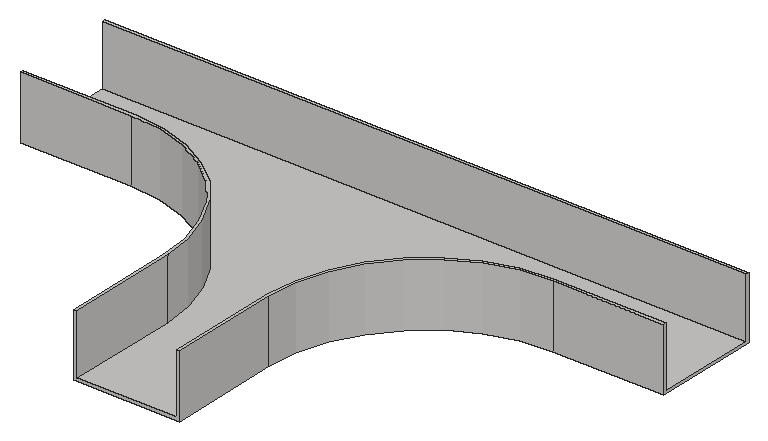
Revit family "Cable_Tray_Fitting-Ventilated_Tray-OBO_Bettermann-Channel_Horizontal_Tee_400-600-MKS_Magic", category Cable Tray Fittings, Revit 2012
Parameters (values of type "Hot Dipped Galvanised")
  URL = "http://www.obo-bettermann.com/"
  Tray Width Overall [instance] = Tray Width 3 + 510 mm  # 610 mm
  Tray Width 3 [instance] = 100 mm
  Tray Width 1 [instance] = 100 mm
  Tray Height [instance] = 60 mm
  built-in parameter 1140111 [instance] = 2.58 mm
  Radius Label 1 = Radius Label + 2.6 mm  # 152.6 mm
  Radius Label = 150 mm
  Product Page URL = "http://catalog2.obo-bettermann.com/catalogue/catalogue.do?favOid=kts_315277&act=showIO&lang=en&action=start&catId=KTS&forward=showSolutionView"
  Product Documentation Link = ""
  Pre Galvanized = no
  Model = "MKS-Magic"
  Manufacturer = "OBO Bettermann"
  Description = "Ventilated Cable Tray"
  Connector Description 3 = "Connector for Cable Tray 3"  # constant formula
  Connector Description 2 = "Connector for Cable Tray 2"  # constant formula
  Connector Description = "Connector for Cable Tray 1"  # constant formula
  Classification = "Refer to online catalog for UL and cUL classifed sizes and wire sizes."
  Cable Tray Material = Metal - OBO Bettermann - Hot-Dipped-Galvanised
  Assembly Code = "D5030600"
Types (2, lengths in mm): name | Tray Width Overall | Tray Width 3 | Tray Width 1 | Cable Tray Material
  Stripped Galvanised | 910 | 400 | 400 | Metal - OBO Bettermann - Strip-Galvanised
  Hot Dipped Galvanised | 610 | 100 | 100 | Metal - OBO Bettermann - Hot-Dipped-Galvanised
Reference planes
  plane 1 "Center (Front/Back)": y = 0
  plane 2: z = 0
  plane 3 "Center (Left/Right)": x = 0
  plane 4: y = 50
  plane 5: y = -50
  plane 6: z = 30
  plane 7: z = -30
  plane 8: x = -50
  plane 9: x = 50
  plane 10: y = -47.42
  plane 11: y = 47.42
  plane 12: y = -305
  plane 13: x = -47.42
  plane 14: x = 47.42
  plane 15: z = -27.42
  plane 16: x = -305
  plane 17: x = 305
Forms (mm)
  Extrusion 1, solid, material "Metal - OBO Bettermann - Hot-Dipped-Galvanised" <- "Cable Tray Material", detail levels fine
    sketch origin (0, 0, 0) x (1, 0, 0) y (0, 1, 0)
      loop
        line (-305, -47.42) -> (-305, -50) -> (-200, -50)
        arc (-200, -50) -> (-93.934, -93.934) -> (-50, -200) r 150
        line (-50, -200) -> (-50, -305) -> (-47.42, -305) -> (-47.42, -197.51)
        arc (-47.42, -197.51) -> (-92.096, -92.096) -> (-197.51, -47.42) r 152.6
        line (-197.51, -47.42) -> (-305, -47.42)
      loop
        line (200, -50) -> (305, -50) -> (305, -47.42) -> (197.51, -47.42)
        arc (197.51, -47.42) -> (92.096, -92.096) -> (47.42, -197.51) r 152.6
        line (47.42, -197.51) -> (47.42, -305) -> (50, -305) -> (50, -200)
        arc (50, -200) -> (93.934, -93.934) -> (200, -50) r 150
      loop
        line (-305, 50) -> (-305, 47.42) -> (305, 47.42) -> (305, 50) -> (-305, 50)
    from -30 to 30
  Extrusion 2, solid, material "Metal - OBO Bettermann - Hot-Dipped-Galvanised" <- "Cable Tray Material", detail levels fine
    sketch origin (0, 0, 0) x (1, 0, 0) y (0, 1, 0)
      loop
        line (-305, -50) -> (-200, -50)
        arc (-200, -50) -> (-93.934, -93.934) -> (-50, -200) r 150
        line (-50, -200) -> (-50, -305) -> (50, -305) -> (50, -200)
        arc (50, -200) -> (93.934, -93.934) -> (200, -50) r 150
        line (200, -50) -> (305, -50) -> (305, 50) -> (-305, 50) -> (-305, -50)
    from -30 to -27.42
  Extrusion 3, solid, material "Metal - OBO Bettermann - Hot-Dipped-Galvanised" <- "Cable Tray Material", detail levels medium
    sketch origin (0, 0, 0) x (1, 0, 0) y (0, 1, 0)
      loop
        line (-305, 50) -> (-305, -50) -> (-200, -50)
        arc (-200, -50) -> (-93.934, -93.934) -> (-50, -200) r 150
        line (-50, -200) -> (-50, -305) -> (50, -305) -> (50, -200)
        arc (50, -200) -> (93.934, -93.934) -> (200, -50) r 150
        line (200, -50) -> (305, -50) -> (305, 50) -> (-305, 50)
    from -30 to 30
Cuts and joins
  joined: Extrusion 1, Extrusion 2
Lines and regions (mm)
  model lines, style "Coarse View", detail levels coarse
    curve 1: line (-230, 0, 0) -> (200, 0, 0)
    curve 2: line (0, 0, 0) -> (0, -305, 0)
Dimensions and locks
  equal spacing: plane 4, plane 1 "Center (Front/Back)", plane 5
  "Tray Width 1": plane 4 to plane 5
  equal spacing: plane 6, plane 2, plane 7
  "Tray Height": plane 6 to plane 7
  equal spacing: plane 8, plane 3 "Center (Left/Right)", plane 9  (x2)
  "Tray Width 3": plane 8 to plane 9
  "built-in parameter 1140111": plane 10 to plane 5
  "built-in parameter 1140111": plane 4 to plane 11
  locked: plane 5 to plane 12 at 255
  "built-in parameter 1140111": plane 8 to plane 13
  "built-in parameter 1140111": plane 14 to plane 9
  "built-in parameter 1140111": plane 15 to plane 7
  locked: plane 16 to plane 8 at 255
  locked: plane 9 to plane 17 at 255
  equal spacing: plane 16, plane 3 "Center (Left/Right)", plane 17
  "Radius Label": radius of Extrusion 3 sketch curve  (x2)
  "Radius Label": radius of Extrusion 1 sketch curve  (x2)
  "Radius Label 1": radius of Extrusion 1 sketch curve  (x2)
  "Radius Label": radius of Extrusion 2 sketch curve  (x2)
  aligned and locked: Extrusion 1 sketch curve to plane 10
  aligned and locked: Extrusion 1 sketch curve to plane 5
  aligned and locked: Extrusion 1 sketch curve to plane 8
  aligned and locked: plane 12 to Extrusion 1 sketch curve  (x2)
  aligned and locked: Extrusion 1 sketch curve to plane 13
  aligned and locked: plane 13 to Extrusion 1 sketch curve
  aligned and locked: plane 8 to Extrusion 1 sketch curve
  aligned and locked: Extrusion 1 sketch curve to plane 12  (x2)
  aligned and locked: Extrusion 1 to plane 7
  aligned and locked: plane 6 to Extrusion 1
  aligned and locked: plane 5 to Extrusion 1 sketch curve
  aligned and locked: plane 10 to Extrusion 1 sketch curve
  aligned and locked: Extrusion 1 sketch curve to plane 14
  aligned and locked: Extrusion 1 sketch curve to plane 9
  aligned and locked: plane 9 to Extrusion 1 sketch curve
  aligned and locked: plane 14 to Extrusion 1 sketch curve
  aligned and locked: plane 11 to Extrusion 1 sketch curve
  aligned and locked: Extrusion 1 sketch curve to plane 4
  aligned and locked: Extrusion 2 sketch curve to plane 5
  aligned and locked: Extrusion 2 sketch curve to plane 4
  aligned and locked: plane 4 to Extrusion 2 sketch curve
  aligned and locked: plane 5 to Extrusion 2 sketch curve
  aligned and locked: plane 12 to Extrusion 2 sketch curve
  aligned and locked: plane 9 to Extrusion 2 sketch curve
  aligned and locked: plane 8 to Extrusion 2 sketch curve
  aligned and locked: Extrusion 2 sketch curve to plane 12
  aligned and locked: Extrusion 2 to plane 7
  aligned and locked: plane 15 to Extrusion 2
  aligned and locked: Extrusion 3 sketch curve to plane 5  (x2)
  aligned and locked: plane 4 to Extrusion 3 sketch curve  (x2)
  aligned and locked: plane 5 to Extrusion 3 sketch curve
  aligned and locked: plane 12 to Extrusion 3 sketch curve
  aligned and locked: Extrusion 3 sketch curve to plane 9
  aligned and locked: plane 9 to Extrusion 3 sketch curve
  aligned and locked: plane 8 to Extrusion 3 sketch curve
  aligned and locked: Extrusion 3 sketch curve to plane 12
  aligned and locked: Extrusion 3 to plane 7
  aligned and locked: plane 6 to Extrusion 3
  aligned and locked: plane 1 "Center (Front/Back)" to curve 1
  aligned and locked: plane 12 to curve 2
  aligned and locked: plane 1 "Center (Front/Back)" to curve 2
  aligned and locked: curve 2 to plane 3 "Center (Left/Right)"
  aligned and locked: plane 16 to Extrusion 3
  aligned and locked: plane 16 to cut or joined group of Extrusion 1, Extrusion 2
  aligned and locked: plane 17 to Extrusion 3
  aligned and locked: cut or joined group of Extrusion 1, Extrusion 2 to Extrusion 3
Automatic sketch dimensions
  Extrusion 1 sketch curve to Extrusion 1 sketch curve = 0 mm  (x4)
  Extrusion 1 sketch curve to Extrusion 1 sketch curve = 105 mm  (x2)
  Extrusion 1 sketch curve to plane 8 = 255 mm
  Extrusion 2 sketch curve to Extrusion 2 sketch curve = 105 mm  (x2)
  Extrusion 3 sketch curve to plane 8 = 255 mm
  plane 9 to Extrusion 1 sketch curve = 255 mm
  plane 9 to Extrusion 3 sketch curve = 255 mm
  curve 1 to plane 16 = 75 mm
  plane 17 to curve 1 = 105 mm
Connectors
  cabletrayconduit at (-305, 0, 0), driven by "Tray Height", driven by "Tray Width 1", driven by "Connector Description"
    settings: on Extrusion 3, index 1, connector width 100 mm, connector height 60 mm, connector radius 304.8 mm, connector angle 0.00°, system type 32, placement type 0, profile type 1, connector reference index 2, is primary connector yes, connector utility param no, connector description "Connector for Cable Tray 1"
  cabletrayconduit at (305, 0, 0), driven by "Tray Height", driven by "Tray Width 1", driven by "Connector Description 2"
    settings: on Extrusion 3, index 2, connector width 100 mm, connector height 60 mm, connector radius 304.8 mm, connector angle 0.00°, system type 32, placement type 0, profile type 1, connector reference index 1, is primary connector no, connector utility param no, connector description "Connector for Cable Tray 2"
  cabletrayconduit at (0, -305, 0), driven by "Tray Height", driven by "Tray Width 3", driven by "Connector Description 3"
    settings: on Extrusion 3, index 3, connector width 100 mm, connector height 60 mm, connector radius 304.8 mm, connector angle 0.00°, system type 32, placement type 0, profile type 1, connector reference index -1, is primary connector no, connector utility param no, connector description "Connector for Cable Tray 3"
